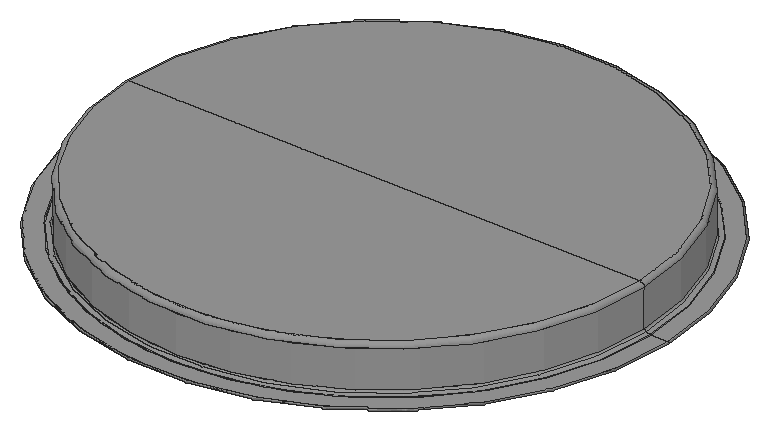
Revit family "MIA13_63_UN_Downlighter_ETK", category Lighting Fixtures, Revit 2017 (continued)
Definition of nested family "MIA.13 - Lightsource"
  Types (8, lengths in mm): name | Wattage | built-in parameter 1150134 | Photometric Web File | built-in parameter 1150142 | built-in parameter 1150105 | Lumens | built-in parameter 1150107 | built-in parameter 1150106
       165.4661 159.6765 \r\n154.0902 148.9101 143.8315 138.9796 134.5183 130.0492 \r\n124.666 118.9624 113.2042 107.3834 101.5314 95.8903 90.9915 \r\n86.1005 80.9829 75.67 70.3414 64.966 59.575 54.1761 48.7694 \r\n43.3784 38.1358 33.4948 28.8538 24.1113 19.3062 14.6105 \r\n10.4461 6.6411 3.7425 2.8987 2.8362 2.7737 \r\n345.652 346.9724 346.7615 346.0974 344.9019 343.48 342.5268 \r\n342.2064 342.0111 341.9095 341.9408 341.972 340.9251 \r\n339.6828 338.0186 335.7997 333.2839 331.0337 329.3226 \r\n327.674 326.3927 325.502 324.5332 322.7283 320.6813 318.228 \r\n315.2434 312.0009 308.8601 305.9536 303.0471 300.6719 \r\n298.5389 296.3357 293.7495 290.9993 288.0381 284.7644 \r\n281.3267 277.6076 273.2479 268.8804 265.2082 261.7626 \r\n258.4733 255.4184 252.5041 249.1757 244.9879 240.6204 \r\n235.9637 230.8227 225.6895 221.1032 216.6966 212.5166 \r\n208.6726 205.0473 201.1642 196.3982 191.64 186.5146 \r\n181.1313 175.7481 170.6618 165.7083 160.8094 155.9809 \r\n151.1759 146.2614 140.972 135.6825 130.4321 125.1973 \r\n119.8844 114.2746 108.4772 102.7971 97.3826 92.0775 86.8896 \r\n82.0298 77.1779 71.8181 66.2317 60.661 55.2153 49.8789 \r\n44.5504 39.2531 33.9636 29.0882 24.6894 20.361 15.8684 \r\n11.2978 6.7193 2.133 0 0 0 \r\n345.652 344.9176 345.3629 345.9489 346.1286 345.8005 \r\n345.1988 344.23 342.5971 340.9876 339.6359 338.4874 \r\n337.4326 336.9873 336.7138 336.0966 335.0496 333.737 \r\n332.0416 329.5336 327.0255 324.2831 321.4626 318.9312 \r\n317.2748 316.0091 314.5011 312.626 310.5633 308.1256 \r\n304.977 301.8361 298.1014 294.1949 290.6399 287.7569 \r\n285.2567 282.7018 279.9984 277.2404 274.0761 270.3649 \r\n266.6536 262.6533 258.5749 254.4183 250.1602 245.8395 \r\n241.6986 238.1124 234.5261 230.8462 227.1115 223.244 \r\n218.6733 213.7667 208.7116 203.4143 198.0389 192.9057 \r\n188.4757 184.0534 179.8891 175.8497 171.5681 166.5208 \r\n160.9501 155.3168 149.5351 143.7612 138.3233 133.6354 \r\n128.9554 123.8612 118.5874 113.2042 107.6412 101.9533 \r\n96.3825 91.2649 86.1786 80.811 75.1543 69.4664 64.1066 \r\n58.9265 53.7229 48.4804 43.2299 38.0577 33.3229 28.5882 \r\n23.7284 18.7827 13.923 9.8133 6.2505 3.4846 2.5627 2.594 \r\n2.6252 \r\n345.652 346.4568 346.5193 346.488 346.1442 345.2848 \r\n344.1519 342.9018 341.4329 340.0188 339.1671 338.9874 \r\n338.7843 338.2374 337.5889 336.5732 335.034 333.2057 \r\n331.1977 328.7288 326.2521 324.0722 322.0408 320.1031 \r\n318.5327 317.1185 315.4778 313.462 311.2353 308.6647 \r\n305.2348 301.797 298.2811 294.7262 291.4681 288.9132 \r\n286.7958 284.4363 281.5845 278.5686 275.209 271.1852 \r\n267.1693 262.708 258.0827 253.7855 250.082 246.8005 \r\n243.4409 239.8312 236.2138 232.1041 227.5803 223.0096 \r\n218.5796 214.2199 209.6648 204.7582 199.6406 194.6558 \r\n190.2649 185.8661 181.6001 177.4045 173.0682 168.0444 \r\n162.5518 156.981 151.2384 145.4411 139.7765 134.5808 \r\n129.3851 124.4785 119.7359 114.8605 109.5945 103.9847 \r\n98.3202 92.4838 86.6005 81.1079 76.1544 71.2712 66.177 \r\n60.9657 55.7387 50.4727 45.1832 39.9641 35.3153 30.6743 \r\n25.838 20.8141 15.7903 11.4384 7.6022 3.7659 0 0 0 \r\n345.652 344.3941 343.5112 342.683 342.5346 342.9409 \r\n343.4409 343.6206 343.4018 343.0815 341.9017 340.4485 \r\n338.7765 336.6591 334.4324 332.8698 331.9322 331.0649 \r\n330.1195 329.0726 328.0334 326.0723 324.0409 321.6736 \r\n318.8999 315.9544 313.1104 310.3758 307.7506 305.5395 \r\n303.719 301.8283 299.1171 296.3044 293.2651 289.9914 \r\n286.5771 282.8893 278.7718 274.7402 271.3415 268.31 \r\n265.3098 262.4111 259.5437 256.1059 252.0353 247.6912 \r\n243.1206 238.1592 233.1979 229.1507 225.3223 221.4939 \r\n217.6108 213.7198 209.4773 204.766 199.9297 194.8824 \r\n189.5304 184.1785 179.4125 174.7637 170.0914 165.3879 \r\n160.661 155.7934 150.629 145.4723 140.4016 135.4246 \r\n130.3774 124.6113 118.6421 112.876 107.3756 102.0314 \r\n96.8904 92.2181 87.5459 82.233 76.6388 71.0134 65.4192 \r\n59.8484 54.3792 49.082 43.8941 38.9249 34.4558 29.9867 \r\n25.1113 20.0953 15.2746 10.9149 6.8521 3.8362 3.0393 2.6096 \r\n2.1799 \r\n345.652 343.1909 343.1362 343.4175 343.8941 344.4488 \r\n344.6363 344.2456 343.5503 342.5033 340.6047 338.6983 \r\n337.167 335.7762 334.6277 333.9792 333.6354 332.9557 \r\n331.5493 329.9555 327.9787 325.3379 322.7049 320.0719 \r\n317.4389 315.0559 313.1182 311.4775 309.7195 307.5553 \r\n305.391 302.8127 299.9062 296.9138 293.1948 289.1085 \r\n285.3504 282.1627 279.3187 276.4591 273.537 270.6227 \r\n267.3725 263.9269 260.2703 255.9575 251.1915 246.5896 \r\n242.3392 238.2452 234.3621 231.1118 227.8616 223.9237 \r\n219.6422 215.1106 210.1883 204.9301 199.7969 195.1168 \r\n190.5149 185.9833 181.5454 177.1232 172.3728 167.435 \r\n162.3486 156.981 151.379 145.8551 140.886 135.9169 130.7915 \r\n125.5332 120.2438 114.9777 109.7117 104.5316 99.5312 \r\n94.6246 89.6008 83.8034 77.9983 72.4353 67.0365 61.7939 \r\n56.981 52.5822 48.0506 42.9877 37.7451 32.5338 27.4162 \r\n22.3142 17.4936 12.8682 8.2897 3.7112 0 0 0 \r\n345.652 345.9255 345.8239 345.6676 345.1129 343.9878 \r\n342.5736 341.2767 340.2297 339.2531 338.7999 338.8624 \r\n338.8468 338.0498 337.0263 335.6903 333.948 331.9869 \r\n329.807 327.1506 324.4863 322.8143 321.5564 320.2985 \r\n318.8452 317.3139 315.3528 312.7588 309.8914 306.7271 \r\n302.9534 299.1796 296.281 293.6636 291.1946 288.9054 \r\n286.7255 284.1472 280.7485 277.1779 273.2479 268.7632 \r\n264.2785 260.4735 256.8873 253.4104 250.0977 246.8865 \r\n243.4565 239.2999 235.1356 230.8852 226.5646 222.1814 \r\n217.3607 212.3291 207.5162 203.094 198.9452 195.1715 \r\n192.7104 190.2571 187.8037 185.3426 180.6704 172.7869 \r\n163.2315 155.1449 149.9805 144.8238 139.8078 134.909 \r\n130.0102 125.1582 120.3219 115.1809 109.6258 103.8831 \r\n98.203 92.6791 87.1552 82.2408 77.592 72.8885 67.8491 \r\n62.6533 57.4029 52.0822 46.7458 41.4876 36.3935 31.2993 \r\n26.8068 22.533 18.3217 14.173 10.0555 6.7583 5.1801 3.8597 \r\n2.5393 \r\n345.652 345.8395 345.402 344.816 343.7925 342.5502 341.6048 \r\n341.1204 340.8782 340.6516 340.4641 340.2766 339.4718 \r\n338.3936 337.1045 335.3465 333.276 331.1821 329.057 326.963 \r\n325.2207 324.2597 323.2987 321.8689 320.2438 318.2983 \r\n315.7512 312.751 309.6414 306.1411 302.6174 299.8516 \r\n297.8592 295.9528 293.6323 291.1009 288.3038 285.0223 \r\n281.397 277.6467 273.287 268.9194 265.091 261.6298 258.278 \r\n255.059 251.9337 248.5897 244.7222 240.6047 236.4482 \r\n232.1197 227.7912 223.0956 218.1733 213.3135 208.8054 \r\n204.6332 200.4922 196.4997 192.5385 188.1788 183.1706 \r\n178.0764 172.6307 166.974 161.497 156.52 151.9962 147.449 \r\n142.6361 137.8155 132.7526 127.4396 122.0642 116.4857 \r\n110.7274 105.1488 100.0156 95.2184 90.4055 85.3739 80.3344 \r\n75.1856 69.9273 64.7004 59.8015 55.2465 50.6055 45.6129 \r\n40.4485 35.3856 30.6508 25.9552 21.6736 17.7123 13.8448 \r\n9.9773 6.1099 2.2424 0 \r\n345.652 342.644 342.5815 342.894 343.2456 343.6362 343.8862 \r\n343.6675 342.894 342.0267 340.4172 338.6436 336.9326 \r\n335.3543 333.8073 332.7291 332.0884 331.3696 330.2836 \r\n328.7991 327.3146 325.0332 322.7362 320.2125 317.4389 \r\n314.5715 312.0088 309.8133 307.6334 305.5551 303.5472 \r\n301.4689 298.9218 296.3122 293.1323 289.3976 285.4442 \r\n281.5532 277.7483 274.0527 271.1774 268.6929 265.9973 \r\n262.6455 259.1218 255.2699 251.0821 246.7302 242.1283 \r\n237.1513 232.1666 228.3772 224.7988 221.0954 217.1498 \r\n213.0948 208.7507 204.0003 199.2187 194.5074 189.8742 \r\n185.241 179.9906 174.6465 169.4976 164.63 159.9031 155.3168 \r\n150.9805 146.5818 141.6126 136.1825 130.7133 125.002 \r\n119.2124 113.6183 108.2506 103.0471 98.1249 93.7964 89.4601 \r\n84.3582 78.9905 73.6386 68.4428 63.3018 58.3796 53.762 \r\n49.2226 44.6285 39.9484 35.2606 30.6274 26.002 21.6111 \r\n17.6654 13.9855 10.579 7.7272 4.9457 2.1564 \r\n345.652 343.269 342.6518 342.2533 342.4096 342.9096 \r\n343.3081 343.3393 343.0268 342.5971 341.1517 339.6437 \r\n337.8936 335.8622 333.7683 332.5104 331.9244 331.2603 \r\n330.4086 329.4085 328.3069 326.0645 323.83 321.3298 \r\n318.6186 315.845 313.1573 310.5633 308.0944 306.1099 \r\n304.3597 302.4611 300.0781 297.6404 294.5308 290.8977 \r\n287.0927 283.1862 279.1702 275.2559 272.201 269.3492 \r\n266.4271 263.3956 260.3328 256.7076 252.5666 248.2616 \r\n243.6753 238.7843 233.9011 230.182 226.4943 222.7127 \r\n218.8296 214.884 210.618 205.9458 201.2657 196.5857 191.89 \r\n187.1396 181.9048 176.6154 171.5993 166.8568 162.1767 \r\n157.3326 152.2228 147.1443 142.2924 137.5342 132.5807 \r\n127.0177 121.2985 115.7981 110.5321 105.4223 100.5938 \r\n96.2106 91.8197 86.6318 81.2954 75.9825 70.7243 65.4973 \r\n60.6297 56.2466 51.8947 47.4334 42.8627 38.2921 33.737 \r\n29.1898 24.7519 20.4469 16.2044 11.9697 7.7272 3.4925 0 \r\n345.652 344.3628 344.5191 344.8629 344.7222 344.1206 \r\n343.269 342.0502 340.2844 338.628 337.7764 337.2842 336.831 \r\n336.4638 336.12 335.2606 333.862 332.2291 330.2992 327.9475 \r\n325.5957 323.1815 320.7594 318.6499 317.0716 315.7122 \r\n314.1574 312.3603 310.3992 307.8756 304.7113 301.5548 \r\n297.7811 293.9136 290.4446 287.4756 284.7644 282.1861 \r\n279.8422 277.4045 274.2089 270.4196 266.5443 262.122 \r\n257.5436 253.301 249.457 245.7926 242.1595 238.5733 \r\n234.9793 230.9165 226.7052 222.4549 218.1733 213.8761 \r\n209.2038 204.0003 198.7108 193.7417 189.3195 184.8973 \r\n180.3344 175.7325 171.0915 166.3958 161.6611 156.6294 \r\n150.9884 145.316 139.8469 134.6355 129.4164 124.8301 \r\n120.4391 115.759 110.6571 105.3051 99.9141 94.4293 88.9444 \r\n83.4987 78.0764 72.7791 68.2866 64.1769 59.8172 55.0668 \r\n50.1524 45.316 40.7297 36.1356 32.0025 28.0803 24.1816 \r\n20.2516 16.2903 12.4619 8.9226 5.4536 1.9923 \r\n345.652 346.3786 346.5661 346.7146 347.0193 347.3865 \r\n347.4412 346.9959 346.2614 345.2067 343.2299 341.2454 \r\n339.4718 337.7842 336.3388 335.5106 335.0809 334.3542 \r\n333.0026 331.4478 329.5336 326.8068 324.0878 321.072 \r\n317.9311 315.1652 313.1495 311.6806 310.0477 307.86 \r\n305.6333 302.8127 299.4218 295.945 292.2338 288.3975 \r\n284.7176 281.3423 278.1545 275.0059 272.0681 269.1304 \r\n265.5911 261.6611 257.6061 253.3948 249.0585 244.691 \r\n240.2453 235.784 231.4321 227.5334 223.6347 219.7125 \r\n215.7903 211.6337 206.8834 201.6017 196.3122 190.968 \r\n185.6161 180.7251 176.5529 172.4666 167.8256 162.8565 \r\n157.7389 152.4103 146.8865 141.3392 135.5887 129.8383 \r\n124.6738 120.1031 115.6575 110.8602 105.7739 100.7266 \r\n95.7653 90.8587 85.8739 80.186 74.4902 69.107 63.9581 \r\n58.9421 54.1917 49.7148 45.277 41.0188 36.8466 32.5807 \r\n28.0647 23.5175 19.3218 15.384 11.704 8.5632 6.0161 3.469 \r\n0.9219 \r\n345.652 348.9491 349.0663 348.7851 348.2381 347.1287 \r\n345.6754 344.3003 343.0815 341.9252 341.1595 341.0345 \r\n340.9173 340.1828 339.2374 337.9561 336.1513 333.987 \r\n331.7525 329.2601 326.7599 324.6972 322.9627 321.2673 \r\n319.5718 317.8686 315.9934 313.8292 311.454 308.8288 \r\n305.2035 301.5704 297.9452 294.6793 291.6478 288.7335 \r\n285.9598 283.3268 280.6 277.4904 274.2558 270.6696 266.3099 \r\n261.8564 257.4185 252.9963 248.7772 245.0895 241.972 \r\n238.7608 234.9246 230.9946 226.7521 222.0955 217.3373 \r\n212.1572 206.6099 201.2735 196.5622 192.4135 188.2569 \r\n183.7722 179.2874 174.4511 169.2867 164.0284 158.9577 \r\n154.098 149.121 143.6597 137.9014 132.2603 127.1037 \r\n122.0095 117.1967 112.626 108.0241 102.9768 97.3357 91.7181 \r\n86.2489 80.8344 75.4981 70.3414 65.2238 60.5047 56.1763 \r\n51.8634 47.3474 42.5893 37.8233 33.2526 28.7054 24.4316 \r\n20.5329 16.7904 13.1651 9.6961 6.227 2.7658 0 \r\n345.652 345.4411 345.9333 346.5193 346.8787 347.0506 \r\n347.0115 346.4411 345.2379 343.9566 342.1361 340.1672 \r\n338.4796 337.292 336.245 335.3387 334.5808 333.7058 \r\n332.4557 330.7837 329.1116 326.2442 323.3378 320.4625 \r\n317.6264 314.8215 312.4697 310.6805 308.8366 306.7974 \r\n304.5941 302.2736 298.9296 295.4684 291.6947 287.6084 \r\n283.5143 279.9828 277.3264 274.6308 271.6618 268.56 \r\n265.2629 261.3251 257.2076 252.7932 248.0663 243.3237 \r\n238.878 234.8855 230.893 227.0099 223.1346 219.0718 \r\n214.6418 210.0633 205.4457 200.7813 196.0466 191.0149 \r\n185.6317 180.2485 175.4356 170.7086 166.1067 161.6611 \r\n157.2779 152.5041 146.9959 141.4798 135.9091 130.2992 \r\n124.7051 119.3531 114.0636 109.0788 104.4847 99.9922 \r\n95.1793 89.6711 84.1628 78.6468 73.1229 67.7787 62.9815 \r\n58.4343 53.887 49.3398 44.7769 40.1438 35.3934 30.6352 \r\n26.3067 22.1111 18.0483 14.1808 10.4383 7.3053 5.4145 \r\n3.6565 1.8908 \r\n345.652 347.2615 347.7615 348.0897 347.699 346.9568 \r\n345.9411 344.4332 342.6674 341.1126 340.3703 339.6281 \r\n339.1827 338.8937 338.4952 337.4561 335.9716 334.2136 \r\n331.8306 329.221 326.6818 324.3691 322.0564 320.3532 \r\n318.9468 317.4467 315.5168 313.2432 310.8446 308.0397 \r\n305.1645 301.9064 298.1327 294.2964 291.1399 288.3819 \r\n285.6239 282.8033 279.9281 276.9982 273.6229 270.2477 \r\n266.2161 261.5986 256.8638 252.426 248.2225 244.2535 \r\n240.8782 237.8545 234.698 230.5571 226.4083 221.7595 \r\n216.7357 211.5634 206.2583 200.8126 195.6247 191.3821 \r\n187.499 183.405 178.8187 174.162 169.0913 163.7159 158.3405 \r\n153.1448 148.1522 143.1206 137.7529 132.3307 127.0724 \r\n122.0486 117.0873 112.2275 107.4615 102.5471 97.242 91.5462 \r\n85.8583 80.4594 75.0527 69.7789 64.6222 59.5437 54.7387 \r\n50.2539 45.7067 40.9173 35.9637 31.0259 26.1739 21.322 \r\n17.0873 13.4229 9.9617 6.4927 3.0315 0 0 \r\n345.652 346.7693 345.8473 344.6754 344.1831 344.0816 \r\n344.0503 344.1128 344.23 344.23 343.1987 342.1439 340.5344 \r\n338.4093 336.1669 334.1042 332.1822 330.4633 329.2367 \r\n328.3069 327.2834 325.5176 323.7597 321.6111 318.9155 \r\n316.0169 313.0401 309.9852 307.0084 304.3675 302.0783 \r\n299.7812 297.3748 294.9527 292.1009 288.7413 285.1395 \r\n281.4204 277.4904 273.5761 269.7789 266.0677 262.4189 \r\n259.028 255.7153 252.3557 248.9413 245.402 241.4095 236.581 \r\n231.7525 226.7208 221.6345 216.8841 212.9385 209.3445 \r\n205.391 200.9219 196.3044 191.5071 186.4364 181.3579 \r\n175.8262 170.193 164.841 159.9656 155.3559 150.6446 \r\n145.7379 140.8001 135.7059 130.4477 125.2051 120.2203 \r\n115.3059 110.1414 104.6097 98.8984 93.2807 87.8975 82.5143 \r\n77.5217 72.7088 67.8491 62.6768 57.356 52.1213 47.0271 \r\n41.9798 36.9169 31.8072 26.7052 22.2517 18.0405 14.0792 \r\n10.6336 7.5084 5.0707 4.0784 3.3596 2.6486 \r\n345.652 344.7222 344.7613 344.941 345.2535 345.6286 \r\n345.6676 345.191 344.4566 343.4487 341.7533 340.0578 \r\n338.2764 336.456 334.8934 333.948 333.401 332.6666 331.5728 \r\n330.3461 328.6741 326.1505 323.6268 320.611 317.4154 \r\n314.4699 312.0244 309.9227 307.8756 306.063 304.2503 \r\n301.7814 298.7343 295.5856 291.9525 288.085 284.3503 \r\n280.8344 277.467 274.1777 271.2399 268.3022 264.9738 \r\n261.411 257.7389 253.8636 249.8476 245.6129 240.8938 \r\n236.0106 231.3149 227.3303 223.3378 219.3062 215.259 \r\n211.1337 206.8365 202.383 197.742 192.4135 186.9365 \r\n181.5845 176.42 171.2712 166.8255 162.794 158.5514 153.762 \r\n148.5116 143.2221 137.6045 131.9712 126.5568 121.3376 \r\n116.1653 110.9071 105.5864 100.2578 94.9059 89.5304 84.1394 \r\n78.5999 73.0682 67.8256 62.8018 57.8248 52.6916 47.41 \r\n42.183 37.1201 32.1431 27.299 22.8299 18.4077 14.1417 \r\n10.0008 5.8833 1.7736 0 0 0 \r\n345.652 344.8238 345.2457 345.8317 346.0583 345.9098 \r\n345.527 344.7066 343.1987 341.6673 339.9719 338.1827 \r\n336.6513 336.0263 335.6512 334.9793 333.9792 332.7604 \r\n331.1274 328.8069 326.4864 323.7206 320.8688 318.2671 \r\n316.1888 314.3371 312.4541 310.5477 308.5788 306.3599 \r\n303.7894 301.2188 297.4373 293.4526 289.6242 286.0458 \r\n282.5924 279.3734 276.5841 273.787 270.8258 267.7319 \r\n264.5207 260.2625 255.6997 251.129 246.5427 242.0189 \r\n237.8701 234.5886 231.3149 227.4475 223.3456 219.064 \r\n214.2824 209.2742 204.3128 199.4218 194.5621 189.7414 \r\n185.0066 180.2719 175.5528 170.8415 165.9739 160.8173 \r\n155.4887 150.2617 145.2535 140.2453 135.0262 129.4867 \r\n123.9472 118.6343 113.3995 108.2272 103.1643 98.1639 \r\n92.9604 87.1162 81.272 75.545 69.9039 64.38 59.6062 55.1996 \r\n50.5508 45.4879 40.2141 34.9168 29.5336 24.1503 19.1109 \r\n14.2355 9.8523 6.8677 4.8363 3.3596 3.1252 3.2815 3.4378 \r\n345.652 345.8708 344.8082 343.8706 343.2768 342.8237 \r\n342.7455 343.1206 343.3393 342.9643 342.1283 341.1829 \r\n339.4406 337.5967 335.5653 333.3542 331.1821 329.6117 \r\n328.9319 328.1741 326.7755 325.0801 323.2284 320.9157 \r\n318.478 315.6418 312.3916 309.1413 306.3052 304.0863 \r\n301.8673 299.75 297.6561 295.1949 292.1009 288.7413 \r\n285.0535 280.936 276.8498 273.1542 269.9352 266.724 \r\n263.6065 260.5047 257.0982 253.2854 249.246 244.9019 \r\n239.9
      797 235.1043 230.604 226.3927 222.2283 218.3452 \r\n214.5402 210.4461 206.0005 201.3829 196.7497 192.0853 \r\n187.4131 182.1705 176.7326 171.3806 166.3724 161.5126 \r\n156.8326 152.4103 147.9725 143.0659 137.2842 131.4946 \r\n125.6114 119.7047 113.8995 108.321 102.8674 97.617 92.7729 \r\n87.9366 82.8112 77.2717 71.7322 66.0911 60.411 54.9809 \r\n49.9492 45.152 40.2844 35.2059 30.1352 25.0801 20.0484 \r\n15.134 11.0477 7.3678 3.6878 0 0 0 0 \r\n345.652 347.0896 345.9958 344.5816 343.4253 342.6049 \r\n341.972 341.6517 341.8939 342.0658 341.6517 340.7532 \r\n339.7297 337.8467 335.7294 333.5495 331.2993 329.096 \r\n327.3224 326.4552 325.5879 324.1034 322.4002 320.4625 \r\n317.9076 315.0715 312.1025 308.9382 305.7895 302.9221 \r\n300.6016 298.2811 295.8591 293.4135 290.7962 287.8741 \r\n284.7801 281.2798 276.9357 272.5525 268.4975 264.8801 \r\n261.2626 257.8561 254.5121 251.0977 247.574 243.9566 \r\n240.0031 235.0496 230.1039 225.2129 220.361 215.634 \r\n211.7431 208.2428 204.3988 199.9687 195.234 190.3586 \r\n185.0379 179.7094 174.623 169.6304 164.6769 159.7859 \r\n154.9262 149.9961 144.9019 139.7453 134.448 128.8304 \r\n123.2206 117.7983 112.4619 107.0709 101.547 95.9137 90.3196 \r\n84.8348 79.3578 74.1777 69.2945 64.4503 59.1843 53.7073 \r\n48.2538 42.8393 37.4717 32.2291 27.6193 23.0096 18.3374 \r\n13.6183 9.1648 6.2505 4.4535 3.0862 2.7111 2.8049 2.8987 \r\n" | 157.56 (stored number, unit not read) | 1980 lm | 4000 (stored number, unit not read) | 1.5756 (stored number, unit not read)
  Reference planes
    plane 1 "Center (Front/Back)": y = 0
    plane 2: z = 0
    plane 3 "Center (Left/Right)": x = 0
  Dimensions and locks
    aligned and locked: level to plane 2
Definition of nested family "MIA.13 Light_Symbol_IVL"
  Parameters (values of type "Lighting Fixture Round - Waterproof")
    Waterproof = yes
    Lighting Fixture = yes
    Emergency Lighting = no
  Types (3, lengths in mm): name | Waterproof | Emergency Lighting
    Lighting Fixture - Round | no | no
    Lighting Fixture Round - Emergency Lighting | no | yes
    Lighting Fixture Round - Waterproof | yes | no
  Reference planes
    plane 1: y = 0
    plane 2: x = 0
  Lines and regions (mm)
    Filled region 1, type "Emergency Lighting", visible <- "Waterproof"
      outline origin (5.15, 1.04, 0) x (1, 0, 0) y (0, 1, 0)
        loop
          arc (-6.312, -1.34) -> (-5.15, -2.24) -> (-3.988, -1.34) r 1.2
          line (-3.988, -1.34) -> (-6.312, -1.34)
    Filled region 2, type "Emergency Lighting", visible <- "Emergency Lighting"
      outline origin (-5.15, 1.04, 0) x (0, 1, 0) y (-1, 0, 0)
        loop
          line (-1.04, -5.15) -> (-1.889, -5.999)
          arc (-1.889, -5.999) -> (-1.04, -6.35) -> (-0.192, -5.999) r 1.2
          line (-0.192, -5.999) -> (-1.04, -5.15)
    Filled region 3, type "Emergency Lighting", visible <- "Emergency Lighting"
      outline origin (5.15, 1.04, 0) x (1, 0, 0) y (0, 1, 0)
        loop
          line (-5.15, -1.04) -> (-5.999, -0.192)
          arc (-5.999, -0.192) -> (-6.35, -1.04) -> (-5.999, -1.889) r 1.2
          line (-5.999, -1.889) -> (-5.15, -1.04)
    detail lines, visible <- "Lighting Fixture"
      curve 1: circle (0, 0, 0) r 1.2 normal (0, 0, 1)
    detail lines, visible <- "Waterproof"
      curve 2: circle (0, 0, 0) r 1.2 normal (0, 0, 1)
    detail lines, visible <- "Emergency Lighting"
      curve 3: circle (0, 0, 0) r 1.2 normal (0, 0, 1)
Types (9, lengths in mm): name | Luminaire_Material | Light Source
  (no name) | RAL9003 | MIA.13 - Lightsource : MIA.1310.15 - Ø240 / 18W / 1800lm / 3000K
  MIA.1310.15 - Ø240 / 18W / 1800lm / 3000K | RAL9003 | MIA.13 - Lightsource : MIA.1310.15 - Ø240 / 18W / 1800lm / 3000K
  MIA.1310.25/35 - Ø240 / 18W / 1800lm / 3000K | RAL9005 | MIA.13 - Lightsource : MIA.1310.25/35 - Ø240 / 18W / 1800lm / 3000K
  MIA.1360.15 - Ø240 / 18W / 1980lm / 4000K | RAL9003 | MIA.13 - Lightsource : MIA.1360.15 - Ø240 / 18W / 1980lm / 4000K
  MIA.1360.25/35 - Ø240 / 18W / 1980lm / 4000K | RAL9005 | MIA.13 - Lightsource : MIA.1360.25/35 - Ø240 / 18W / 1980lm / 4000K
  MIA.1313.15 - Ø240 / 18W / 1800lm / 3000K | RAL9003 | MIA.13 - Lightsource : MIA.1313.15 - Ø240 / 18W / 1800lm / 3000K
  MIA.1363.15 - Ø240 / 18W / 1980lm / 4000K | RAL9003 | MIA.13 - Lightsource : MIA.1363.15 - Ø240 / 18W / 1980lm / 4000K
  MIA.1363.25/35 - Ø240 / 18W / 1980lm / 4000K | RAL9005 | MIA.13 - Lightsource : MIA.1363.25/35 - Ø240 / 18W / 1980lm / 4000K
  MIA.1313.25/35 - Ø240 / 18W / 1800lm / 3000K | RAL9005 | MIA.13 - Lightsource : MIA.1313.25/35 - Ø240 / 18W / 1800lm / 3000K
